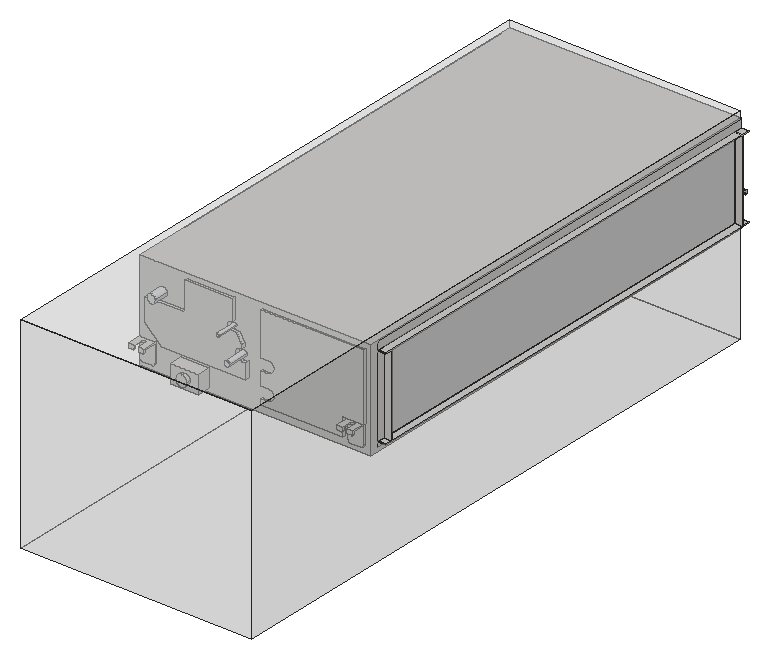
Revit family "outputfile", category 機械設備, Revit 2024
Family settings
  丸型コネクタ寸法 = 半径を使用
  パーツ タイプ = 標準
  OmniClass 番号 = 23.75.10.24.21.27.27
  OmniClass タイトル = Split System Air Conditioning Units
  作業面ベース = いいえ
  常に垂直 = はい
  ロード時にボイドで切り取り = いいえ
  注釈の向きを維持 = いいえ
  共有 = いいえ
  部屋計算ポイント = はい
Parameters (values of type "FXMQ125PAVE")
  Description = ""
  製造元 = "Daikin"
  書き出し IFC クラス(タイプ) = "IfcUnitaryEquipmentType"
  定義済み IFC タイプ(タイプ) = "AIRCONDITIONINGUNIT"
  Cost = 0
  モデル = "FXMQ125PAVE"
  Type Comments = ""
  Keynote = ""
  Type Image = (empty or 0)
  Assembly Code = ""
  r_Liquid Pipe Size = Liquid Pipe Size / 2  # 4.75 mm
  r_Gas Pipe Size = Gas Pipe Size / 2  # 7.95 mm
  r_Drain Pipe Size = Drain Pipe Size / 2  # 12.5 mm
  lw_power = 396.0 mm  # constant formula
  lh_SA = 165.0 mm  # constant formula
  lw_SA = if(Depth = 550.0 mm, 210.0 mm, if(Depth = 700.0 mm, 285.0 mm, if(Depth = 1000.0 mm, 435.0 mm, 635.0 mm)))  # 635.0 mm
  lw_RA = if(Depth = 550.0 mm, 288.0 mm, if(Depth = 700.0 mm, 363.0 mm, if(Depth = 1000.0 mm, 513.0 mm, 713.0 mm)))  # 713.0 mm
  lh_power = 60.0 mm + [h***]  # 60.0 mm
  lh_mountinghole1 = lh_mountinghole + [h***]  # 80.0 mm
  lh_RA = 150.0 mm  # constant formula
  ld_power = Depth / 2  # 700.0 mm
  Voltage_comment_60Hz = "220"
  Voltage_comment_50Hz = "220-240"
  Voltage_60Hz = 220 V
  Voltage_50Hz = 220 V
  URL = ""
  Supply Air Direction [instance] = yes
  Sound Power Level_H speed (dB) = 62
  Phase_60Hz = 1
  Phase_50Hz = 1
  Minimum External Static Pressure = 50.00 Pa
  Minimum Circuit Amps_60Hz = 3.4 A
  Minimum Circuit Amps_50Hz = 3.4 A
  Maximum Fuse Amps_60Hz = 16.0 A
  Maximum Fuse Amps_50Hz = 16.0 A
  Maximum External Static Pressure = 200.00 Pa
  Material_Casing = DAIKIN_GalvanizedSteel_Casing_indoorunit
  lw_mountinghole = 631.0 mm  # constant formula
  lh_gaspipe = 144.0 mm + [h***]  # 144.0 mm
  lh_mountinghole = 80.0 mm  # constant formula
  lh_liquidpipe = 212.0 mm + [h***]  # 212.0 mm
  lh_drainpipe = 232.0 mm + [h***]  # 232.0 mm
  lh_antena = Height - lh_mountinghole + 1.0 mm  # 221.0 mm
  ld_drainpipe = Depth / 2 + 54.0 mm  # 754.0 mm
  ld_liquidpipe = 765.0 mm
  ld_gaspipe = 765.0 mm
  ld_mountinghole = Depth + 38.0 mm  # 1438.0 mm
  h*** = 0.0 mm  # constant formula
  lw_liquidpipe = 290.0 mm  # constant formula
  lw_gaspipe = 318.0 mm  # constant formula
  lw_drainpipe = 80.0 mm  # constant formula
  Width = 700.0 mm
  Version = "ver.1.0"
  Unit Type = "Middle-High Static Pressure Duct Type"
  Unit Mass Weight = 45.00 kg
  Unit Designation [instance] = ""
  Uniclass2015Version = "Products v1.30"
  Uniclass2015Title = "Variable refrigerant flow units"
  Uniclass2015Code = "Pr_70_65_03_94"
  Total Heating Capacity [instance] = 0.000 kW
  Total Cooling Capacity [instance] = 0.000 kW
  Sound Pressure Level_M speed (dBA) = 0
  Sound Pressure Level_L speed (dBA) = 40
  Sound Pressure Level_H speed (dBA) = 44
  Series = "VRV Fan Coil Unit"
  Sensible Cooling Capacity [instance] = 0.000 kW
  SA Duct Size Width = if(Depth = 550.0 mm, 310.0 mm, if(Depth = 700.0 mm, 460.0 mm, if(Depth = 1000.0 mm, 760.0 mm, 1160.0 mm)))  # 1160.0 mm
  SA Duct Size Height = 215.0 mm
  Refrigerant Type = "R410A"
  RA Duct Size Width = if(Depth = 550.0 mm, 475.0 mm, if(Depth = 700.0 mm, 625.0 mm, if(Depth = 1000.0 mm, 925.0 mm, 1325.0 mm)))  # 1325.0 mm
  RA Duct Size Height = 247.0 mm
  Power Input (Heating) = 0.449 kW
  Power Input (Cooling) = 0.461 kW
  Option Accessory 3 [instance] = ""
  Option Accessory 2 [instance] = ""
  Option Accessory 1 [instance] = ""
  Nominal Heating Capacity = 16.000 kW
  Nominal Cooling Capacity = 14.000 kW
  Minimum Airflow = 1680.00 m³/h
  Median Airflow = 1980.00 m³/h
  Maximum Airflow = 2340.00 m³/h
  Load Classification = HVAC
  Liquid Pipe Size = 9.5 mm
  Link_Nested Family [instance] = ""
  IfcVersion = "0"
  IfcExportType = "AIRCONDITIONINGUNIT"
  IfcExportAs = "IfcUnitaryEquipmentType"
  Height = 300.0 mm
  Heating Entering Wet Bulb Temperature [instance] = 0.00 °C
  Heating Entering Dry Bulb Temperature [instance] = 0.00 °C
  Heating Ambient Wet Bulb Temperature [instance] = 0.00 °C
  Heating Ambient Dry Bulb Temperature [instance] = 0.00 °C
  Heat Exchanger Type = "Cross Fin Coil"
  Gas Pipe Size = 15.9 mm
  Frequency_60Hz = 60 Hz
  Frequency_50Hz = 50 Hz
  Fan Type = "Sirocco Fan"
  Fan Drive = "Direct Drive"
  FCU Tag No. [instance] = ""
  Drain Pipe Size = 25.0 mm
  Design Supply Airflow [instance] = 0.00 m³/h
  Design Return Airflow [instance] = 0.00 m³/h
  Design External Static Pressure [instance] = 0.00 Pa
  Depth = 1400.0 mm
  既定の高さ = 0.0 mm
  Cooling Entering Wet Bulb Temperature [instance] = 0.00 °C
  Cooling Entering Dry Bulb Temperature [instance] = 0.00 °C
  Cooling Ambient Wet Bulb Temperature [instance] = 0.00 °C
  Cooling Ambient Dry Bulb Temperature [instance] = 0.00 °C
  Clearance visibility [instance] = yes
  Clearance Top = 20.0 mm
  Clearance Right = 0.0 mm
  Clearance Rear = 0.0 mm
  Clearance Left = 0.0 mm
  Clearance Front = 450.0 mm
  Clearance Bottom = 300.0 mm
Reference planes
  plane 1 "Center (Front/Back)": y = 0
  plane 2 "h": z = 0
  plane 3 "Center (Left/Right)": x = 0
  plane 4 "Back": y = 700
  plane 5 "Front": y = -700
  plane 6 "Left": x = -350
  plane 7 "Reight": x = 350
  plane 8 "Top": z = 0
  plane 9 "Bottom": z = -300
  plane 10: y = -215
  plane 11: y = 700
  plane 12: y = -1150
  plane 13: x = -350
  plane 14: x = 350
  plane 15: z = 20
  plane 16: z = -600
  plane 17: x = -350
  plane 18: z = -135
  plane 19: x = -349
  plane 20: x = 349
  plane 21: y = 65
  plane 22: y = 13
  plane 23: z = -150
  plane 24: y = -710.8
  plane 25: z = -14
  plane 26: z = -219
  plane 27: x = -324
  plane 28: x = -60
  plane 29: x = -20
  plane 30: z = -156
  plane 31: x = -32
  plane 32: z = -88
  plane 33: x = 23
  plane 34: x = 335
  plane 35: z = -15.8
  plane 36: z = -274.8
  plane 37: z = -219.8
  plane 38: x = 271
  plane 39: x = -223.3
  plane 40: x = -138.3
  plane 41: z = -232.7
  plane 42: z = -288.5
  plane 43: y = -741
  plane 44: x = -181
  plane 45: z = -260
  plane 46: y = -751
  plane 47: z = -163.8
  plane 48: z = -239.8
  plane 49: x = 46
  plane 50: z = -88
  plane 51: x = -60
  plane 52: y = -765
  plane 53: z = -156
  plane 54: x = -32
  plane 55: y = -754
  plane 56: z = -68
  plane 57: x = -270
  plane 58: x = -270
  plane 59: x = -60
  plane 60: x = -32
  plane 61: x = 46
  plane 62: x = -323
  plane 63: x = 308
  plane 64: y = -719
  plane 65: y = 719
  plane 66: z = -220
  plane 67: y = -706
  plane 68: x = -204
  plane 69: z = -100.2
  plane 70: x = -374
  plane 71: x = 374
Forms (mm)
  Extrusion 1, solid, material "DAIKIN_GalvanizedSteel_Casing_indoorunit" <- "Material_Casing"
    sketch origin (0, 0, 0) x (1, 0, 0) y (0, 1, 0)
      loop
        line (-349, 700) -> (-349, -700) -> (349, -700) -> (349, 700) -> (-349, 700)
    from -300 to 0
  Extrusion 2, solid, material "DAIKIN_GalvanizedSteel_Casing_indoorunit" <- "Material_Casing"
    sketch origin (0, 0, 0) x (1, 0, 0) y (0, 0, 1)
      loop
        line (-324, -100.2) -> (-324, -168) -> (-273, -219) -> (-20, -219) -> (-20, -173.5) -> (-32, -173.5)
        arc (-32, -173.5) -> (-49.5, -156) -> (-32, -138.5) r 17.5
        line (-32, -138.5) -> (-32, -127.5) -> (-47, -101) -> (-60, -101)
        arc (-60, -101) -> (-73, -88) -> (-60, -75) r 13
        line (-60, -75) -> (-60, -14) -> (-204, -14) -> (-204, -100.2) -> (-324, -100.2)
    from 700 to 710.8
  Extrusion 3, solid, material "DAIKIN_GalvanizedSteel_Casing_indoorunit" <- "Material_Casing"
    sketch origin (0, 0, 0) x (1, 0, 0) y (0, 0, 1)
      loop
        line (23, -274.8) -> (271, -274.8) -> (271, -219.8) -> (335, -219.8) -> (335, -15.8) -> (23, -15.8) -> (23, -146.3) -> (46, -146.3)
        arc (46, -146.3) -> (63.5, -163.8) -> (46, -181.3) r 17.5
        line (46, -181.3) -> (23, -181.3) -> (23, -222.3) -> (46, -222.3)
        arc (46, -222.3) -> (63.5, -239.8) -> (46, -257.3) r 17.5
        line (46, -257.3) -> (23, -257.3) -> (23, -274.8)
    from 700 to 706
  Extrusion 4, solid, material "DAIKIN_GalvanizedSteel_Casing_indoorunit" <- "Material_Casing"
    sketch origin (0, 0, 0) x (1, 0, 0) y (0, 0, 1)
      loop
        line (-223.3, -232.7) -> (-223.3, -288.5) -> (-138.3, -288.5) -> (-138.3, -232.7) -> (-223.3, -232.7)
    from 700 to 741
  Extrusion 5, solid, material "DAIKIN_GalvanizedSteel_Casing_indoorunit" <- "Material_Casing"
    sketch origin (0, 0, 0) x (1, 0, 0) y (0, 0, 1)
      loop
        circle (-181, -260) r 16.5
    from 741 to 751
  Extrusion 6, solid
    sketch origin (0, 0, 0) x (1, 0, 0) y (0, 0, 1)
      loop
        circle (-60, -88) r 4.75
    from 700 to 765
  Extrusion 7, solid
    sketch origin (0, 0, 0) x (1, 0, 0) y (0, 0, 1)
      loop
        circle (-32, -156) r 7.95
    from 700 to 765
  Extrusion 8, solid
    sketch origin (0, 0, 0) x (1, 0, 0) y (0, 0, 1)
      loop
        circle (-270, -68) r 12.5
    from 710.8 to 754
Dimensions and locks
  "Height": plane 8 "Top" to plane 9 "Bottom"
  equal spacing: plane 4 "Back", plane 1 "Center (Front/Back)", plane 5 "Front"
  "Depth": plane 4 "Back" to plane 5 "Front"
  equal spacing: plane 6 "Left", plane 3 "Center (Left/Right)", plane 7 "Reight"
  "Width": plane 6 "Left" to plane 7 "Reight"
  "Clearance Left": plane 13 to plane 6 "Left"
  "Clearance Right": plane 7 "Reight" to plane 14
  "Clearance Rear": plane 11 to plane 4 "Back"
  "Clearance Front": plane 5 "Front" to plane 12
  "Clearance Top": plane 15 to plane 8 "Top"
  "Clearance Bottom": plane 9 "Bottom" to plane 16
  "lh_SA": plane 18 to plane 9 "Bottom"
  locked: plane 17 to plane 19 at 1
  locked: plane 20 to plane 14 at 1
  "lw_SA": plane 11 to plane 21
  "lw_RA": plane 22 to plane 5 "Front"
  "lh_RA": plane 23 to plane 9 "Bottom"
  locked: plane 5 "Front" to plane 24 at 10.8
  plane 29 to plane 28 to plane 27 to plane 6 "Left" = 40.0 mm, 264.0 mm, 26.0 mm
  locked: plane 31 to plane 6 "Left" at 318
  plane 34 to plane 33 to plane 6 "Left" = 312.0 mm locked, 373.0 mm locked
  locked: plane 34 to plane 38 at 64
  locked: plane 37 to plane 36 at 55
  plane 40 to plane 39 to plane 6 "Left" = 85.0 mm locked, 126.7 mm locked
  locked: plane 5 "Front" to plane 43 at 41
  locked: plane 44 to plane 6 "Left" at 169
  locked: plane 43 to plane 46 at 10
  plane 47 to plane 48 to plane 36 = 76.0 mm locked, 35.0 mm locked
  locked: plane 49 to plane 33 at 23
  "lw_liquidpipe": plane 51 to plane 6 "Left"
  "lh_liquidpipe": plane 50 to plane 9 "Bottom"
  "lh_gaspipe": plane 53 to plane 9 "Bottom"
  "lw_gaspipe": plane 54 to plane 6 "Left"
  "ld_gaspipe": plane 52 to plane 1 "Center (Front/Back)"
  "ld_drainpipe": plane 55 to plane 1 "Center (Front/Back)"
  "lh_drainpipe": plane 56 to plane 9 "Bottom"
  "lw_drainpipe": plane 57 to plane 6 "Left"
  "lw_drainpipe": plane 6 "Left" to plane 58
  "lw_liquidpipe": plane 6 "Left" to plane 59
  "lw_gaspipe": plane 6 "Left" to plane 60
  "lw_power": plane 6 "Left" to plane 61
  plane 17 to plane 62 = 27.0 mm
  "lw_mountinghole": plane 62 to plane 63
  equal spacing: plane 64, plane 1 "Center (Front/Back)", plane 65
  "ld_mountinghole": plane 65 to plane 64
  "lh_mountinghole": plane 66 to plane 9 "Bottom"
  plane 8 "Top" to plane 41 to plane 42 = 232.7 mm locked, 55.8 mm locked
  locked: plane 8 "Top" to plane 45 at 260
  plane 8 "Top" to plane 25 to plane 26 = 14.0 mm locked, 205.0 mm locked
  plane 8 "Top" to plane 32 to plane 30 = 88.0 mm locked, 68.0 mm locked
  plane 8 "Top" to plane 35 to plane 36 = 15.8 mm locked, 259.0 mm locked
  locked: plane 5 "Front" to plane 67 at 6
  locked: plane 25 to plane 69 at 86.2
  locked: plane 27 to plane 68 at 120
  locked: plane 70 to plane 6 "Left" at 24
  locked: plane 14 to plane 71 at 24
  "r_Liquid Pipe Size": radius of Extrusion 6 sketch curve
  "r_Gas Pipe Size": radius of Extrusion 7 sketch curve
  "r_Drain Pipe Size": radius of Extrusion 8 sketch curve
  aligned and locked: level to plane 2 "h"
  aligned and locked: plane 8 "Top" to Extrusion 1
  aligned and locked: Extrusion 1 to plane 9 "Bottom"
  aligned and locked: nested 5 to plane 12
  aligned and locked: plane 13 to nested 5
  aligned and locked: plane 14 to nested 5
  aligned and locked: nested 5 to plane 13
  aligned and locked: plane 11 to nested 5
  aligned and locked: plane 15 to nested 5
  aligned and locked: plane 16 to nested 5
  aligned and locked: plane 5 "Front" to Extrusion 1 sketch curve
  aligned and locked: Extrusion 1 to plane 19
  aligned and locked: plane 20 to Extrusion 1
  aligned and locked: nested 7 to plane 19
  aligned and locked: nested 7 to plane 21
  aligned and locked: plane 18 to nested 7
  aligned and locked: plane 20 to nested 8
  aligned and locked: plane 22 to nested 8
  aligned and locked: plane 23 to nested 8
  aligned and locked: Extrusion 2 to plane 24
  aligned and locked: plane 5 "Front" to Extrusion 2
  aligned and locked: plane 36 to Extrusion 3 sketch curve
  aligned and locked: plane 38 to Extrusion 3 sketch curve
  aligned and locked: plane 37 to Extrusion 3 sketch curve
  aligned and locked: Extrusion 3 sketch curve to plane 34
  aligned and locked: Extrusion 3 sketch curve to plane 35
  aligned and locked: Extrusion 3 sketch curve to plane 33
  aligned and locked: plane 5 "Front" to Extrusion 3
  aligned and locked: Extrusion 4 sketch curve to plane 41
  aligned and locked: Extrusion 4 sketch curve to plane 39
  aligned and locked: plane 42 to Extrusion 4 sketch curve
  aligned and locked: plane 40 to Extrusion 4 sketch curve
  aligned and locked: Extrusion 4 to plane 43
  aligned and locked: plane 5 "Front" to Extrusion 4
  aligned and locked: Extrusion 5 sketch curve to plane 44
  aligned and locked: plane 45 to Extrusion 5 sketch curve
  aligned and locked: Extrusion 5 to plane 46
  aligned and locked: plane 43 to Extrusion 5
  aligned and locked: Extrusion 6 sketch curve to plane 51
  aligned and locked: plane 50 to Extrusion 6 sketch curve
  aligned and locked: Extrusion 6 to plane 52
  aligned and locked: plane 5 "Front" to Extrusion 6
  aligned and locked: Extrusion 7 sketch curve to plane 54
  aligned and locked: plane 53 to Extrusion 7 sketch curve
  aligned and locked: Extrusion 7 to Extrusion 6
  aligned and locked: plane 5 "Front" to Extrusion 7
  aligned and locked: Extrusion 8 sketch curve to plane 57
  aligned and locked: plane 56 to Extrusion 8 sketch curve
  aligned and locked: Extrusion 8 to plane 55
  aligned and locked: plane 24 to Extrusion 8
  aligned and locked: nested 3 to plane 55
  aligned and locked: nested 3 to plane 58
  aligned and locked: nested 2 to plane 59
  aligned and locked: nested 2 to plane 52
  aligned and locked: nested 1 to plane 60
  aligned and locked: Extrusion 7 to plane 52
  aligned and locked: nested 1 to plane 52
  aligned and locked: nested 6 to plane 5 "Front"
  aligned and locked: nested 6 to plane 61
  aligned and locked: plane 62 to nested 10
  aligned and locked: nested 10 to plane 5 "Front"
  aligned and locked: plane 63 to nested 9
  aligned and locked: nested 9 to plane 5 "Front"
  aligned and locked: nested 11 to plane 62
  aligned and locked: plane 4 "Back" to nested 11
  aligned and locked: nested 12 to plane 63
  aligned and locked: plane 4 "Back" to nested 12
  aligned and locked: plane 66 to nested 10
  aligned and locked: plane 66 to nested 11
  aligned and locked: plane 66 to nested 9
  aligned and locked: plane 66 to nested 12
  aligned and locked: plane 62 to nested 14
  aligned and locked: nested 14 to plane 65
  aligned and locked: plane 63 to nested 13
  aligned and locked: nested 13 to plane 65
  aligned and locked: plane 63 to nested 16
  aligned and locked: plane 64 to nested 16
  aligned and locked: plane 64 to nested 15
  aligned and locked: plane 62 to nested 15
  aligned and locked: Extrusion 3 to plane 67
  aligned and locked: Extrusion 2 sketch curve to plane 68
  aligned and locked: plane 69 to Extrusion 2 sketch curve
  aligned and locked: nested 17 to plane 21
  aligned and locked: nested 17 to plane 70
  aligned and locked: plane 18 to nested 17
  aligned and locked: plane 22 to nested 18
  aligned and locked: plane 71 to nested 18
  aligned and locked: nested 18 to plane 23
  aligned and locked: nested 4 to plane 3 "Center (Left/Right)"
  aligned and locked: plane 1 "Center (Front/Back)" to nested 4
  aligned and locked: level to plane 8 "Top"
Automatic sketch dimensions
  plane 6 "Left" to Extrusion 1 sketch curve = 1.0 mm
  Extrusion 1 sketch curve to plane 7 "Reight" = 1.0 mm
  Extrusion 1 sketch curve to plane 4 "Back" = 0.0 mm
  Extrusion 3 sketch curve to plane 33 = 0.0 mm  (x2)
  Extrusion 3 sketch curve to plane 47 = 0.0 mm
  Extrusion 3 sketch curve to plane 49 = 0.0 mm  (x4)
  Extrusion 3 sketch curve to plane 48 = 0.0 mm
  Extrusion 3 sketch curve to plane 37 = 2.5 mm
  plane 23 to Extrusion 3 sketch curve = 3.7 mm
  plane 27 to Extrusion 2 sketch curve = 0.0 mm
  Extrusion 2 sketch curve to plane 26 = 0.0 mm
  Extrusion 2 sketch curve to plane 28 = 0.0 mm
  Extrusion 2 sketch curve to plane 31 = 0.0 mm
  Extrusion 2 sketch curve to plane 29 = 0.0 mm
  Extrusion 2 sketch curve to plane 30 = 0.0 mm
  Extrusion 2 sketch curve to plane 32 = 0.0 mm
  Extrusion 2 sketch curve to plane 25 = 0.0 mm
  Extrusion 2 sketch curve to Extrusion 2 sketch curve = 13.0 mm
  Extrusion 2 sketch curve to Extrusion 2 sketch curve = 17.5 mm
  plane 18 to Extrusion 2 sketch curve = 7.5 mm
  Extrusion 2 sketch curve to plane 58 = 3.0 mm
  Extrusion 2 sketch curve to plane 30 = 12.0 mm
  Extrusion 2 sketch curve to Extrusion 2 sketch curve = 0.8 mm
  radius of Extrusion 5 sketch curve = 16.5 mm
Nested families
  nested 1: "daikin_connector_rotate2" at (-32, 0, -156), length <- "ld_gaspipe", built-in parameter 1001364 <- "lh_gaspipe", radius <- "r_Gas Pipe Size", type "daikin_connector_rotate2"
    with radius 7.95 mm, length 765.0 mm, angle_vertical 90.00°
  nested 2: "daikin_connector_rotate2" at (-60, 0, -88), length <- "ld_liquidpipe", built-in parameter 1001364 <- "lh_liquidpipe", radius <- "r_Liquid Pipe Size", type "daikin_connector_rotate2"
    with radius 4.75 mm, length 765.0 mm, angle_vertical 90.00°
  nested 3: "daikin_connector_rotate2" at (-270, 0, -68), length <- "ld_drainpipe", built-in parameter 1001364 <- "lh_drainpipe", radius <- "r_Drain Pipe Size", type "daikin_connector_rotate2"
    with radius 12.5 mm, length 754.0 mm, angle_vertical 90.00°
  nested 4: "daikin_△_symbolicline" at (0, 0, 300) x (0, -1, 0) z (0, 0, 1), built-in parameter 1001364 <- "Height", visible <- "Supply Air Direction", type "daikin_△_symbolicline"
    with length 200.0 mm
  nested 5: "daikin_clearancespace" at (0, -225, -289.881), visible <- "Clearance visibility", show <- "Clearance visibility", Link_Nested Family <- "Link_Nested Family", type "daikin_clearancespace"
    with width 700.0 mm, show yes, height 620.0 mm, depth 1850.0 mm, Link_Nested Family ""
  nested 6: "daikin_connector_rotate2" at (46, 0, -240), built-in parameter 1001364 <- "lh_power", length <- "ld_power", type "daikin_connector_rotate2"
    with radius 10.0 mm, length 700.0 mm, angle_vertical 90.00°
  nested 7: "daikin_ductflange_FXMQ-PAVE2" at (-349, 65, -135) x (0, -1, 0) z (0, 0, 1), type "daikin_ductflange_FXMQ-PAVE2"
    with width 1160.0 mm, w 1400.0 mm
  nested 8: "daikin_ductflange_FXMQ-PAVE" at (349, 13, -150) x (0, 1, 0) z (0, 0, 1), type "daikin_ductflange_FXMQ-PAVE"
    with width 1325.0 mm, w 1400.0 mm
  nested 9: "daikin_hangerfixture_FXMQ-PAVE" at (308, -700, -220), type "daikin_hangerfixture_FXMQ-PAVE"
  nested 10: "daikin_hangerfixture_FXMQ-PAVE" at (-323, -700, -220), type "daikin_hangerfixture_FXMQ-PAVE"
  nested 11: "daikin_hangerfixture_FXMQ-PAVE" at (-323, 700, -220) x (-1, 0, 0) z (0, 0, 1), type "daikin_hangerfixture_FXMQ-PAVE"
  nested 12: "daikin_hangerfixture_FXMQ-PAVE" at (308, 700, -220) x (-1, 0, 0) z (0, 0, 1), type "daikin_hangerfixture_FXMQ-PAVE"
  nested 13: "daikin_mountinghole" at (308, 719, -300), h_mountinghole <- "lh_mountinghole1", l_antenna <- "lh_antena", Link_Nested Family <- "Link_Nested Family", type "daikin_mountinghole"
    with show yes, l_antenna 221.0 mm, h_mountinghole 80.0 mm, Link_Nested Family ""
  nested 14: "daikin_mountinghole" at (-323, 719, -300), h_mountinghole <- "lh_mountinghole1", l_antenna <- "lh_antena", Link_Nested Family <- "Link_Nested Family", type "daikin_mountinghole"
    with show yes, l_antenna 221.0 mm, h_mountinghole 80.0 mm, Link_Nested Family ""
  nested 15: "daikin_mountinghole" at (-323, -719, -300), h_mountinghole <- "lh_mountinghole1", l_antenna <- "lh_antena", Link_Nested Family <- "Link_Nested Family", type "daikin_mountinghole"
    with show yes, l_antenna 221.0 mm, h_mountinghole 80.0 mm, Link_Nested Family ""
  nested 16: "daikin_mountinghole" at (308, -719, -300), h_mountinghole <- "lh_mountinghole1", l_antenna <- "lh_antena", Link_Nested Family <- "Link_Nested Family", type "daikin_mountinghole"
    with show yes, l_antenna 221.0 mm, h_mountinghole 80.0 mm, Link_Nested Family ""
  nested 17: "daikin_connector_rotate2" at (-350, 65, -135) x (0, -1, 0) z (0, 0, 1), type "daikin_connector_rotate2"
    with radius 10.0 mm, length 24.0 mm, angle_vertical 90.00°
  nested 18: "daikin_connector_rotate2" at (350, 13, -150) x (0, 1, 0) z (0, 0, 1), type "daikin_connector_rotate2"
    with radius 10.0 mm, length 24.0 mm, angle_vertical 90.00°
Connectors
  piping at (-270, -754, -68), diameter 25, driven by "r_Drain Pipe Size"
    settings: on nested 3, index 3, connector inside diameter 609.6 mm, connector length 0.0 mm, flow factor 0, pipe flow 0.00 m³/h, pressure drop 0.0 Pa, fitting loss kfactor 0, connector angle 0.00°, fixture units 0, engagement length 0.0 mm, angle of deflection 0.00°, flow configuration 1, flow direction 2, fitting loss method 4, system type 16, joint type 0, gender type 0, connector reference index -1, connector utility 0, adjustable connector no, is connector primary yes, connector description "Condensate Drain Piping"
  piping at (-32, -765, -156), diameter 15.9, driven by "r_Gas Pipe Size"
    settings: on nested 1, index 4, connector inside diameter 609.6 mm, connector length 0.0 mm, flow factor 0, pipe flow 0.00 m³/h, pressure drop 0.0 Pa, fitting loss kfactor 0, connector angle 0.00°, fixture units 0, engagement length 0.0 mm, angle of deflection 0.00°, flow configuration 1, flow direction 2, fitting loss method 0, system type 29, joint type 0, gender type 0, connector reference index -1, connector utility 0, adjustable connector no, is connector primary no, connector description "Refrigerant Gas Piping"
  piping at (-60, -765, -88), diameter 9.5, driven by "r_Liquid Pipe Size"
    settings: on nested 2, index 5, connector inside diameter 609.6 mm, connector length 0.0 mm, flow factor 0, pipe flow 0.00 m³/h, pressure drop 0.0 Pa, fitting loss kfactor 0, connector angle 0.00°, fixture units 0, engagement length 0.0 mm, angle of deflection 0.00°, flow configuration 1, flow direction 1, fitting loss method 0, system type 29, joint type 0, gender type 0, connector reference index -1, connector utility 0, adjustable connector no, is connector primary no, connector description "Refrigerant Liquid Piping"
  electrical at (46, -700, -240), driven by "Load Classification"
    settings: on nested 6, index 6, voltage 0 V, apparent load 0 VA, apparent load phase1 0 VA, apparent load phase2 0 VA, apparent load phase3 0 VA, power factor 1, load classification "HVAC", number of poles 1, system type 30, power factor state 1, is connector primary yes, connector utility no, sub classification motor no, connector description "Power Supply"
  hvac at (-374, 65, -135), driven by "SA Duct Size Height", driven by "SA Duct Size Width"
    settings: on nested 17, index 7, duct flow 0.00 m³/h, flow factor 0, pres drop 0.00 Pa, loss coef 0, conn angle 0.00°, conn width 1160.0 mm, conn height 215.0 mm, conn diameter 609.6 mm, duct sys type 1, conn prof type 1, flow config 0, flow direction 2, loss method 4, conn ref index -1, conn util no, is conn primary yes, conn desc "SA Duct"
  hvac at (374, 13, -150), driven by "RA Duct Size Height", driven by "RA Duct Size Width"
    settings: on nested 18, index 8, duct flow 0.00 m³/h, flow factor 0, pres drop 0.00 Pa, loss coef 0, conn angle 0.00°, conn width 1325.0 mm, conn height 247.0 mm, conn diameter 609.6 mm, duct sys type 2, conn prof type 1, flow config 0, flow direction 1, loss method 4, conn ref index -1, conn util no, is conn primary no, conn desc "RA Duct"
Definition of nested family "daikin_clearancespace"
  Parameters (values of type "daikin_clearancespace")
    width [instance] = 1823.963 mm
    show [instance] = yes
    material = none
    height [instance] = 1359.762 mm
    depth [instance] = 880.0 mm
    Default Elevation = 0.0 mm
    Link_Nested Family [instance] = ""
  Reference planes
    plane 1 "Center (Front/Back)": y = 0
    plane 2 "Center (Elevation)": z = -0.119
    plane 3 "Center (Left/Right)": x = 0
    plane 4: y = 440
    plane 5: y = -440
    plane 6 "Right": x = 911.982
    plane 7 "Left": x = -911.982
    plane 8 "Top": z = 679.762
    plane 9 "Bottom": z = -680
  Forms (mm)
    Extrusion 1, solid, material <- "material", visible <- "show"
      sketch origin (0, 0, 0) x (1, 0, 0) y (0, 1, 0)
        loop
          line (-911.982, 440) -> (-911.982, -440) -> (911.982, -440) -> (911.982, 440) -> (-911.982, 440)
      from -680 to 679.762
  Lines and regions (mm)
    symbolic lines, visible <- "show"
      curve 1: line (911.982, 440, 0) -> (-911.982, 440, 0)
      curve 2: line (-911.982, 440, 0) -> (-911.982, -440, 0)
      curve 3: line (-911.982, -440, 0) -> (911.982, -440, 0)
      curve 4: line (911.982, -440, 0) -> (911.982, 440, 0)
      curve 5: line (911.982, 0, 679.762) -> (-911.982, 0, 679.762)
      curve 6: line (911.982, 0, -680) -> (911.982, 0, 679.762)
      curve 7: line (-911.982, 0, -680) -> (911.982, 0, -680)
      curve 8: line (-911.982, 0, 679.762) -> (-911.982, 0, -680)
      curve 9: line (0, 440, 679.762) -> (0, -440, 679.762)
      curve 10: line (0, -440, 679.762) -> (0, -440, -680)
      curve 11: line (0, 440, -680) -> (0, 440, 679.762)
      curve 12: line (0, -440, -680) -> (0, 440, -680)
  Dimensions and locks
    "width": plane 7 "Left" to plane 6 "Right"
    "depth": plane 4 to plane 5
    "height": plane 8 "Top" to plane 9 "Bottom"
    equal spacing: plane 7 "Left", plane 3 "Center (Left/Right)", plane 6 "Right"
    equal spacing: plane 4, plane 1 "Center (Front/Back)", plane 5
    equal spacing: plane 8 "Top", plane 2 "Center (Elevation)", plane 9 "Bottom"
    aligned and locked: level to plane 2 "Center (Elevation)"
    aligned and locked: Extrusion 1 sketch curve to plane 4
    aligned and locked: plane 7 "Left" to Extrusion 1 sketch curve
    aligned and locked: Extrusion 1 sketch curve to plane 5
    aligned and locked: Extrusion 1 sketch curve to plane 6 "Right"
    aligned and locked: plane 8 "Top" to Extrusion 1
    aligned and locked: curve 1 to Extrusion 1
    aligned and locked: curve 2 to Extrusion 1
    aligned and locked: curve 3 to Extrusion 1
    aligned and locked: curve 4 to Extrusion 1
    aligned and locked: curve 5 to Extrusion 1
    aligned and locked: curve 6 to Extrusion 1
    aligned and locked: curve 7 to Extrusion 1
    aligned and locked: curve 8 to Extrusion 1
    aligned and locked: curve 9 to Extrusion 1
    aligned and locked: curve 10 to Extrusion 1
    aligned and locked: curve 11 to Extrusion 1
    aligned and locked: curve 12 to Extrusion 1
    aligned and locked: Extrusion 1 to plane 9 "Bottom"
Definition of nested family "daikin_ductflange_FXMQ-PAVE2"
  Parameters (values of type "daikin_ductflange_FXDSQ-AVM2")
    width = if(w = 550.0 mm, 310.0 mm, if(w = 700.0 mm, 460.0 mm, if(w = 1000.0 mm, 760.0 mm, 1160.0 mm)))  # 310.0 mm
    material = none
    height = 215.0 mm
    depth = 1.0 mm
    w = 550.0 mm
    Default Elevation = 0.0 mm
  Reference planes
    plane 1 "Center (Front/Back)": y = 0
    plane 2: z = 0
    plane 3 "Center (Left/Right)": x = 0
    plane 4: z = 107.5
    plane 5: z = -107.5
    plane 6: y = -25
    plane 7: z = 132.5
    plane 8: z = 108.5
    plane 9: y = -1
    plane 10: x = -177.5
    plane 11: x = 177.5
    plane 12: z = -132.5
    plane 13: z = -108.5
    plane 14: y = -1
    plane 15: x = 155
    plane 16: x = -155
    plane 17: x = 156
    plane 18: z = 106.5
    plane 19: z = -106.5
    plane 20: x = -156
    plane 21: z = 106.5
    plane 22: z = -106.5
    plane 23: y = -1
  Forms (mm)
    Extrusion 1, solid, material <- "material"
      sketch origin (0, 0, 0) x (0, 1, 0) y (0, 0, 1)
        loop
          line (-25, 107.5) -> (0, 107.5) -> (0, 132.5) -> (-1, 132.5) -> (-1, 108.5) -> (-25, 108.5) -> (-25, 107.5)
      from -177.5 to 177.5
    Extrusion 2, solid, material <- "material"
      sketch origin (0, 0, 0) x (0, 1, 0) y (0, 0, 1)
        loop
          line (-25, -107.5) -> (-25, -108.5) -> (-1, -108.5) -> (-1, -132.5) -> (0, -132.5) -> (0, -107.5) -> (-25, -107.5)
      from -177.5 to 177.5
    Extrusion 3, solid, material <- "material"
      sketch origin (0, 0, 0) x (1, 0, 0) y (0, 0, 1)
        loop
          line (155, 107.5) -> (155, -107.5) -> (177.5, -107.5) -> (177.5, -106.5) -> (156, -106.5) -> (156, 106.5) -> (177.5, 106.5) -> (177.5, 107.5) -> (155, 107.5)
      from 0 to 25
    Extrusion 4, solid, material <- "material"
      sketch origin (0, 0, 0) x (1, 0, 0) y (0, 0, 1)
        loop
          line (-177.5, 107.5) -> (-177.5, 106.5) -> (-156, 106.5) -> (-156, -106.5) -> (-177.5, -106.5) -> (-177.5, -107.5) -> (-155, -107.5) -> (-155, 107.5) -> (-177.5, 107.5)
      from 0 to 25
    Extrusion 5, solid, material <- "material"
      sketch origin (0, 0, 0) x (1, 0, 0) y (0, 0, 1)
        loop
          line (-177.5, 107.5) -> (-177.5, -107.5) -> (-155, -107.5) -> (-155, 107.5) -> (-177.5, 107.5)
        loop
          line (177.5, 107.5) -> (155, 107.5) -> (155, -107.5) -> (177.5, -107.5) -> (177.5, 107.5)
      from 0 to 1
  Cuts and joins
    joined: Extrusion 1, Extrusion 2, Extrusion 3, Extrusion 4, Extrusion 5
  Dimensions and locks
    plane 4 to level to plane 5 = 107.5 mm locked, 107.5 mm locked
    locked: plane 6 to plane 1 "Center (Front/Back)" at 25
    locked: plane 9 to plane 1 "Center (Front/Back)" at 1
    locked: plane 8 to plane 4 at 1
    locked: plane 11 to plane 15 at 22.5
    locked: plane 16 to plane 10 at 22.5
    locked: plane 17 to plane 15 at 1
    locked: plane 4 to plane 18 at 1
    locked: plane 19 to plane 5 at 1
    "width": plane 15 to plane 16
    plane 4 to plane 5 = 215.0 mm
    equal spacing: plane 15, plane 3 "Center (Left/Right)", plane 16
    locked: plane 16 to plane 20 at 1
    locked: plane 4 to plane 21 at 1
    locked: plane 22 to plane 5 at 1
    locked: plane 23 to plane 1 "Center (Front/Back)" at 1
    aligned and locked: level to plane 2
    aligned and locked: Extrusion 1 to plane 10
    aligned and locked: plane 11 to Extrusion 1
    aligned and locked: plane 5 to Extrusion 2
    aligned and locked: Extrusion 2 to plane 1 "Center (Front/Back)"
    aligned and locked: plane 15 to Extrusion 3 sketch curve
    aligned and locked: Extrusion 3 sketch curve to Extrusion 2  (x2)
    aligned and locked: Extrusion 3 sketch curve to plane 11
    aligned and locked: plane 6 to Extrusion 3
    aligned and locked: Extrusion 2 to plane 10
    aligned and locked: plane 11 to Extrusion 2
    aligned and locked: Extrusion 4 sketch curve to Extrusion 1  (x2)
    aligned and locked: plane 5 to Extrusion 4 sketch curve
    aligned and locked: Extrusion 4 sketch curve to plane 16
    aligned and locked: Extrusion 4 sketch curve to plane 22
    aligned and locked: plane 20 to Extrusion 4 sketch curve
    aligned and locked: plane 21 to Extrusion 4 sketch curve
    aligned and locked: Extrusion 4 to plane 1 "Center (Front/Back)"
    aligned and locked: plane 6 to Extrusion 4
    aligned and locked: Extrusion 5 sketch curve to Extrusion 1  (x4)
    aligned and locked: Extrusion 5 sketch curve to Extrusion 4  (x2)
    aligned and locked: Extrusion 5 sketch curve to Extrusion 3  (x2)
    aligned and locked: Extrusion 5 to plane 1 "Center (Front/Back)"
    aligned and locked: plane 23 to Extrusion 5
  Automatic sketch dimensions
    Extrusion 1 sketch curve to plane 6 = 0.0 mm
    Extrusion 1 sketch curve to plane 7 = 0.0 mm
    Extrusion 1 sketch curve to plane 9 = 0.0 mm
    Extrusion 1 sketch curve to plane 1 "Center (Front/Back)" = 0.0 mm
    Extrusion 1 sketch curve to plane 4 = 0.0 mm
    Extrusion 1 sketch curve to plane 8 = 0.0 mm
    Extrusion 2 sketch curve to plane 6 = 0.0 mm
    plane 12 to Extrusion 2 sketch curve = 0.0 mm
    Extrusion 2 sketch curve to plane 14 = 0.0 mm
    Extrusion 2 sketch curve to plane 1 "Center (Front/Back)" = 0.0 mm
    plane 13 to Extrusion 2 sketch curve = 0.0 mm
    Extrusion 2 sketch curve to plane 5 = 0.0 mm
    Extrusion 3 sketch curve to plane 17 = 0.0 mm
    Extrusion 3 sketch curve to plane 19 = 0.0 mm
    Extrusion 3 sketch curve to plane 18 = 0.0 mm
    Extrusion 3 sketch curve to plane 4 = 0.0 mm
    Extrusion 4 sketch curve to plane 10 = 0.0 mm
Definition of nested family "daikin_ductflange_FXMQ-PAVE"
  Parameters (values of type "daikin_ductflange_FXDSQ-AVM")
    width = if(w = 550.0 mm, 475.0 mm, if(w = 700.0 mm, 625.0 mm, if(w = 1000.0 mm, 925.0 mm, 1325.0 mm)))  # 475.0 mm
    material = none
    height = 247.0 mm
    depth = 1.0 mm
    w = 550.0 mm
    Default Elevation = 0.0 mm
  Reference planes
    plane 1 "Center (Front/Back)": y = 0
    plane 2: z = 0
    plane 3 "Center (Left/Right)": x = 0
    plane 4: z = 123.5
    plane 5: z = -123.5
    plane 6: y = -25
    plane 7: z = 146.5
    plane 8: z = 124.5
    plane 9: y = -1
    plane 10: x = -260
    plane 11: x = 260
    plane 12: z = -137
    plane 13: z = -124.5
    plane 14: y = -1
    plane 15: x = 237.5
    plane 16: x = -237.5
    plane 17: x = 238.5
    plane 18: z = 122.5
    plane 19: z = -122.5
    plane 20: x = -238.5
    plane 21: z = 122.5
    plane 22: z = -122.5
    plane 23: y = -1
  Forms (mm)
    Extrusion 1, solid, material <- "material"
      sketch origin (0, 0, 0) x (0, 1, 0) y (0, 0, 1)
        loop
          line (-25, 123.5) -> (0, 123.5) -> (0, 146.5) -> (-1, 146.5) -> (-1, 124.5) -> (-25, 124.5) -> (-25, 123.5)
      from -260 to 260
    Extrusion 2, solid, material <- "material"
      sketch origin (0, 0, 0) x (0, 1, 0) y (0, 0, 1)
        loop
          line (-25, -123.5) -> (-25, -124.5) -> (-1, -124.5) -> (-1, -137) -> (0, -137) -> (0, -123.5) -> (-25, -123.5)
      from -260 to 260
    Extrusion 3, solid, material <- "material"
      sketch origin (0, 0, 0) x (1, 0, 0) y (0, 0, 1)
        loop
          line (237.5, 123.5) -> (237.5, -123.5) -> (260, -123.5) -> (260, -122.5) -> (238.5, -122.5) -> (238.5, 122.5) -> (260, 122.5) -> (260, 123.5) -> (237.5, 123.5)
      from 0 to 25
    Extrusion 4, solid, material <- "material"
      sketch origin (0, 0, 0) x (1, 0, 0) y (0, 0, 1)
        loop
          line (-260, 123.5) -> (-260, 122.5) -> (-238.5, 122.5) -> (-238.5, -122.5) -> (-260, -122.5) -> (-260, -123.5) -> (-237.5, -123.5) -> (-237.5, 123.5) -> (-260, 123.5)
      from 0 to 25
    Extrusion 5, solid, material <- "material"
      sketch origin (0, 0, 0) x (1, 0, 0) y (0, 0, 1)
        loop
          line (-260, 123.5) -> (-260, -123.5) -> (-237.5, -123.5) -> (-237.5, 123.5) -> (-260, 123.5)
        loop
          line (260, 123.5) -> (237.5, 123.5) -> (237.5, -123.5) -> (260, -123.5) -> (260, 123.5)
      from 0 to 1
  Cuts and joins
    joined: Extrusion 1, Extrusion 2, Extrusion 3, Extrusion 4, Extrusion 5
  Dimensions and locks
    plane 4 to level to plane 5 = 123.5 mm, 123.5 mm
    locked: plane 6 to plane 1 "Center (Front/Back)" at 25
    locked: plane 9 to plane 1 "Center (Front/Back)" at 1
    locked: plane 8 to plane 4 at 1
    locked: plane 11 to plane 15 at 22.5
    locked: plane 16 to plane 10 at 22.5
    locked: plane 17 to plane 15 at 1
    locked: plane 4 to plane 18 at 1
    locked: plane 19 to plane 5 at 1
    "width": plane 15 to plane 16
    equal spacing: plane 15, plane 3 "Center (Left/Right)", plane 16
    locked: plane 16 to plane 20 at 1
    locked: plane 4 to plane 21 at 1
    locked: plane 22 to plane 5 at 1
    locked: plane 23 to plane 1 "Center (Front/Back)" at 1
    equal spacing: plane 4, level, plane 5
    locked: plane 7 to plane 4 at 23
    locked: plane 5 to plane 12 at 13.5
    locked: plane 1 "Center (Front/Back)" to plane 14 at 1
    locked: plane 5 to plane 13 at 1
    locked: plane 4 to plane 5 at 247
    aligned and locked: level to plane 2
    aligned and locked: Extrusion 1 to plane 10
    aligned and locked: plane 11 to Extrusion 1
    aligned and locked: plane 5 to Extrusion 2
    aligned and locked: Extrusion 2 to plane 1 "Center (Front/Back)"
    aligned and locked: plane 15 to Extrusion 3 sketch curve
    aligned and locked: Extrusion 3 sketch curve to Extrusion 2  (x2)
    aligned and locked: Extrusion 3 sketch curve to plane 11
    aligned and locked: plane 6 to Extrusion 3
    aligned and locked: Extrusion 2 to plane 10
    aligned and locked: plane 11 to Extrusion 2
    aligned and locked: Extrusion 4 sketch curve to Extrusion 1  (x2)
    aligned and locked: plane 5 to Extrusion 4 sketch curve
    aligned and locked: Extrusion 4 sketch curve to plane 16
    aligned and locked: Extrusion 4 sketch curve to plane 22
    aligned and locked: plane 20 to Extrusion 4 sketch curve
    aligned and locked: plane 21 to Extrusion 4 sketch curve
    aligned and locked: Extrusion 4 to plane 1 "Center (Front/Back)"
    aligned and locked: plane 6 to Extrusion 4
    aligned and locked: Extrusion 5 sketch curve to Extrusion 1  (x4)
    aligned and locked: Extrusion 5 sketch curve to Extrusion 4  (x2)
    aligned and locked: Extrusion 5 sketch curve to Extrusion 3  (x2)
    aligned and locked: Extrusion 5 to plane 1 "Center (Front/Back)"
    aligned and locked: plane 23 to Extrusion 5
  Automatic sketch dimensions
    Extrusion 1 sketch curve to plane 6 = 0.0 mm
    Extrusion 1 sketch curve to plane 7 = 0.0 mm
    Extrusion 1 sketch curve to plane 9 = 0.0 mm
    Extrusion 1 sketch curve to plane 1 "Center (Front/Back)" = 0.0 mm
    Extrusion 1 sketch curve to plane 4 = 0.0 mm
    Extrusion 1 sketch curve to plane 8 = 0.0 mm
    Extrusion 2 sketch curve to plane 6 = 0.0 mm
    plane 12 to Extrusion 2 sketch curve = 0.0 mm
    Extrusion 2 sketch curve to plane 14 = 0.0 mm
    Extrusion 2 sketch curve to plane 1 "Center (Front/Back)" = 0.0 mm
    plane 13 to Extrusion 2 sketch curve = 0.0 mm
    Extrusion 2 sketch curve to plane 5 = 0.0 mm
    Extrusion 3 sketch curve to plane 17 = 0.0 mm
    Extrusion 3 sketch curve to plane 19 = 0.0 mm
    Extrusion 3 sketch curve to plane 18 = 0.0 mm
    Extrusion 3 sketch curve to plane 4 = 0.0 mm
    Extrusion 4 sketch curve to plane 10 = 0.0 mm
Definition of nested family "daikin_hangerfixture_FXMQ-PAVE"
  Parameters (values of type "daikin_hangerfixture_FXMQ-PAVE")
    width = 48.0 mm
    material = none
    height = 65.0 mm
    depth = 45.0 mm
    Default Elevation = 0.0 mm
  Reference planes
    plane 1 "Center (Front/Back)": y = 0
    plane 2: z = 0
    plane 3 "Center (Left/Right)": x = 0
    plane 4: y = 417.146
    plane 5: y = -45
    plane 6: x = -24
    plane 7: x = 24
    plane 8: z = -2.3
    plane 9: z = -65
    plane 10: y = -2.3
    plane 11: z = -12
    plane 12: y = -42.7
  Forms (mm)
    Extrusion 1, solid, material <- "material"
      sketch origin (0, 0, 0) x (1, 0, 0) y (0, 1, 0)
        loop
          line (24, 0) -> (-24, 0) -> (-24, -45) -> (-6, -45) -> (-6, -19)
          arc (-6, -19) -> (0, -13) -> (6, -19) r 6
          line (6, -19) -> (6, -45) -> (24, -45) -> (24, 0)
      from 0 to -2.3
    Extrusion 2, solid, material <- "material"
      sketch origin (0, 0, 0) x (1, 0, 0) y (0, 0, 1)
        loop
          line (24, -55) -> (24, 0) -> (-24, 0) -> (-24, -55)
          arc (-24, -55) -> (-21.071, -62.071) -> (-14, -65) r 10
          line (-14, -65) -> (14, -65)
          arc (14, -65) -> (21.071, -62.071) -> (24, -55) r 10
      from 0 to 2.3
    Extrusion 3, solid, material <- "material"
      sketch origin (0, 0, 0) x (1, 0, 0) y (0, 0, 1)
        loop
          line (-6, -9) -> (-6, 0) -> (-24, 0) -> (-24, -9)
          arc (-24, -9) -> (-23.121, -11.121) -> (-21, -12) r 3
          line (-21, -12) -> (-9, -12)
          arc (-9, -12) -> (-6.879, -11.121) -> (-6, -9) r 3
        loop
          line (6, 0) -> (6, -9)
          arc (6, -9) -> (6.879, -11.121) -> (9, -12) r 3
          line (9, -12) -> (21, -12)
          arc (21, -12) -> (23.121, -11.121) -> (24, -9) r 3
          line (24, -9) -> (24, 0) -> (6, 0)
      from 42.7 to 45
  Cuts and joins
    joined: Extrusion 1, Extrusion 2, Extrusion 3
  Dimensions and locks
    "width": plane 6 to plane 7
    "depth": plane 5 to plane 1 "Center (Front/Back)"
    plane 2 to plane 8 = 2.3 mm
    "height": plane 2 to plane 9
    locked: plane 10 to plane 1 "Center (Front/Back)" at 2.3
    locked: plane 2 to plane 11 at 12
    locked: plane 12 to plane 5 at 2.3
    aligned and locked: level to plane 2
    aligned and locked: Extrusion 1 sketch curve to plane 1 "Center (Front/Back)"
    aligned and locked: plane 7 to Extrusion 1
    aligned and locked: Extrusion 1 to plane 6
    aligned and locked: Extrusion 1 to plane 5  (x2)
    aligned and locked: Extrusion 1 to plane 8
    aligned and locked: plane 2 to Extrusion 1
    aligned and locked: plane 2 to Extrusion 2 sketch curve
    aligned and locked: Extrusion 2 to plane 9
    aligned and locked: Extrusion 2 to plane 10
    aligned and locked: Extrusion 2 to plane 1 "Center (Front/Back)"
    aligned and locked: plane 2 to Extrusion 3 sketch curve  (x2)
    aligned and locked: Extrusion 3 to plane 11  (x2)
    aligned and locked: plane 12 to Extrusion 3
    aligned and locked: Extrusion 3 to plane 5
  Automatic sketch dimensions
    Extrusion 1 sketch curve to plane 6 = 0.0 mm
    Extrusion 1 sketch curve to plane 5 = 0.0 mm  (x2)
    Extrusion 1 sketch curve to plane 3 "Center (Left/Right)" = 0.0 mm
    Extrusion 1 sketch curve to plane 7 = 0.0 mm
    Extrusion 1 sketch curve to plane 3 "Center (Left/Right)" = 6.0 mm
    plane 1 "Center (Front/Back)" to Extrusion 1 sketch curve = 19.0 mm
    Extrusion 2 sketch curve to plane 7 = 0.0 mm
    Extrusion 2 sketch curve to plane 7 = 10.0 mm
    Extrusion 2 sketch curve to plane 8 = 52.7 mm
    plane 6 to Extrusion 2 sketch curve = 10.0 mm
    Extrusion 2 sketch curve to plane 6 = 0.0 mm
    Extrusion 3 sketch curve to plane 6 = 0.0 mm
    Extrusion 3 sketch curve to plane 7 = 0.0 mm
    Extrusion 3 sketch curve to Extrusion 3 sketch curve = 3.0 mm  (x2)
    Extrusion 3 sketch curve to plane 8 = 6.7 mm
    Extrusion 3 sketch curve to plane 3 "Center (Left/Right)" = 9.0 mm
    Extrusion 3 sketch curve to plane 3 "Center (Left/Right)" = 6.0 mm
    plane 3 "Center (Left/Right)" to Extrusion 3 sketch curve = 6.0 mm
    Extrusion 3 sketch curve to plane 7 = 3.0 mm
    Extrusion 3 sketch curve to plane 8 = 9.7 mm
Definition of nested family "daikin_connector_rotate2"
  Parameters (values of type "daikin_connector_rotate2")
    Default Elevation = 1219.2 mm
    show_face = no
    radius [instance] = 10.0 mm
    length [instance] = 600.0 mm
    d_surface = 10.0 mm
    angle_vertical [instance] = 90.00°
  Reference planes
    plane 1 "Center (Front/Back)": y = 0
    plane 2: z = 0
    plane 3 "Center (Left/Right)": x = 0
  Forms (mm)
    Extrusion 1, solid, visible <- "show_face"
      sketch origin (0, -600, 0) x (1, 0, 0) y (0, 0, 1)
        loop
          circle (0, 0) r 10
      from 0 to -10
  Lines and regions (mm)
    reference lines
      curve 1: line (0, 0, 0) -> (0, -600, 0)
    symbolic lines
      curve 2: circle (0, 0, 0) r 5 normal (0, 0, 1)
    model lines, visible <- "show_face"
      curve 3: line (0, 0, 0) -> (0, -600, 0)
  Dimensions and locks
    "length": curve 1 to curve 1
    "length": curve 3 to curve 3
    "d_surface": Extrusion 1 to Extrusion 1
    "radius": radius of Extrusion 1 sketch curve
    "angle_vertical": angle curve 1 to plane 1 "Center (Front/Back)"
    "angle_vertical": angle curve 3 to plane 1 "Center (Front/Back)"
    aligned and locked: level to plane 2
    aligned and locked: plane 1 "Center (Front/Back)" to curve 1
    aligned and locked: plane 2 to curve 1
    aligned and locked: plane 1 "Center (Front/Back)" to curve 2
    aligned and locked: plane 3 "Center (Left/Right)" to curve 2
    aligned and locked: plane 1 "Center (Front/Back)" to curve 3
    aligned and locked: plane 2 to curve 3
    aligned and locked: Extrusion 1 to Extrusion 1
  Automatic sketch dimensions
    Extrusion 1 sketch curve to level = 0.0 mm
    Extrusion 1 sketch curve to plane 3 "Center (Left/Right)" = 0.0 mm
    radius of curve 2 = 5.0 mm
Definition of nested family "daikin_△_symbolicline"
  Parameters (values of type "daikin_△_symbolicline")
    length [instance] = 200.0 mm
    Default Elevation = 0.0 mm
  Reference planes
    plane 1 "Center (Front/Back)": y = 0
    plane 2: z = 0
    plane 3 "Center (Left/Right)": x = 0
  Lines and regions (mm)
    symbolic lines
      curve 1: line (0, -173.205, 0) -> (100, 0, 0)
      curve 2: line (100, 0, 0) -> (-100, 0, 0)
      curve 3: line (-100, 0, 0) -> (0, -173.205, 0)
  Dimensions and locks
    equal spacing: curve 3, plane 3 "Center (Left/Right)", curve 2
    "length": curve 3 to curve 2
    "length": curve 3 to curve 3
    "length": curve 1 to curve 1
    aligned and locked: level to plane 2
    aligned and locked: curve 2 to plane 1 "Center (Front/Back)"
    aligned and locked: plane 3 "Center (Left/Right)" to curve 3
Definition of nested family "daikin_mountinghole"
  Parameters (values of type "daikin_mountinghole")
    Default Elevation = 1219.2 mm
    Type Comments = "mountinghole"
    show [instance] = yes
    material = none
    l_centerline = 100.0 mm
    l_antenna [instance] = 100.0 mm
    h_mountinghole [instance] = 0.0 mm
    d_circle = 30.0 mm
    Link_Nested Family [instance] = ""
  Reference planes
    plane 1 "Center (Front/Back)": y = 0
    plane 2: z = 0
    plane 3 "Center (Left/Right)": x = 0
    plane 4: y = 50
    plane 5: x = -50
    plane 6: x = 50
    plane 7: y = -50
    plane 8 "h_mountinghole": z = 0
    plane 9: z = 100
  Lines and regions (mm)
    model lines, detail levels fine
      curve 1: circle (0, 0, 0) r 15 normal (0, 0, 1)
      curve 2: line (-50, 0, 0) -> (50, 0, 0)
      curve 3: line (0, 50, 0) -> (0, -50, 0)
    symbolic lines, detail levels fine
      curve 4: circle (0, 0, 0) r 15 normal (0, 0, 1)
      curve 5: line (-50, 0, 0) -> (50, 0, 0)
      curve 6: line (0, 50, 0) -> (0, -50, 0)
    model lines
      curve 7: line (0, 0, 100) -> (0, 0, 0)
  Dimensions and locks
    equal spacing: plane 4, plane 1 "Center (Front/Back)", plane 7
    "l_centerline": plane 4 to plane 7
    equal spacing: plane 5, plane 3 "Center (Left/Right)", plane 6
    "l_centerline": plane 5 to plane 6
    "l_antenna": plane 9 to plane 8 "h_mountinghole"
    "h_mountinghole": plane 8 "h_mountinghole" to plane 2
    "d_circle": diameter of curve 1
    "d_circle": diameter of curve 4
    aligned and locked: level to plane 2
    aligned and locked: plane 1 "Center (Front/Back)" to curve 1
    aligned and locked: plane 3 "Center (Left/Right)" to curve 1
    aligned and locked: plane 1 "Center (Front/Back)" to curve 2
    aligned and locked: curve 3 to plane 3 "Center (Left/Right)"
    aligned and locked: plane 6 to curve 2
    aligned and locked: plane 5 to curve 2
    aligned and locked: plane 4 to curve 3
    aligned and locked: plane 7 to curve 3
    aligned and locked: plane 1 "Center (Front/Back)" to curve 4
    aligned and locked: plane 3 "Center (Left/Right)" to curve 4
    aligned and locked: plane 6 to curve 5
    aligned and locked: plane 5 to curve 5
    aligned and locked: plane 1 "Center (Front/Back)" to curve 5
    aligned and locked: plane 4 to curve 6
    aligned and locked: plane 7 to curve 6
    aligned and locked: curve 6 to plane 3 "Center (Left/Right)"
    aligned and locked: curve 7 to plane 3 "Center (Left/Right)"
    aligned and locked: plane 9 to curve 7
    aligned and locked: plane 8 "h_mountinghole" to curve 7
